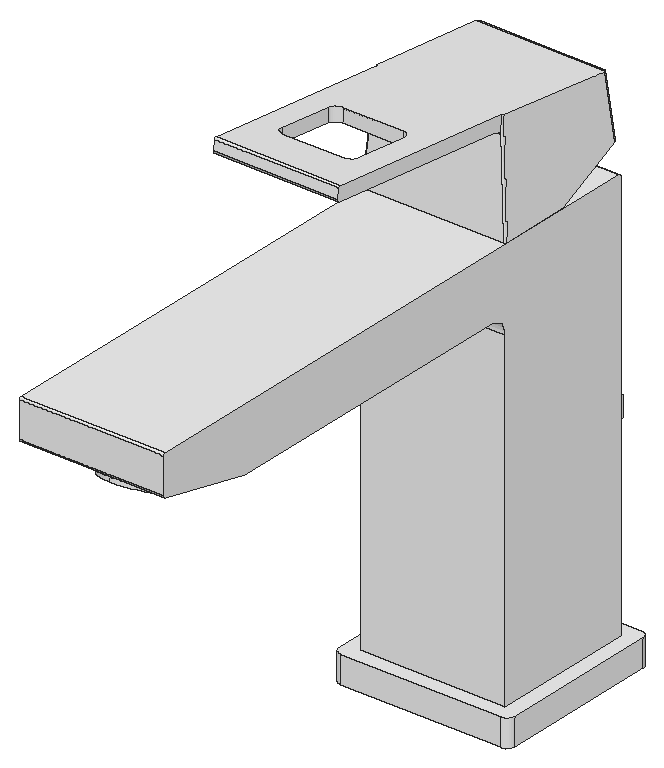
Revit family "Faucet-Lavatory-Grohe-Eurocube-23670000_Series", category Plumbing Fixtures, Revit 2014
Parameters (values of type "23670000")
  Waste Connection = no
  Warranty Documentation Link = "https://cdn.cloud.grohe.com/tpi/1000/1900/1940/1949/1949006/original/1949006.pdf"
  WFU = 0
  Vent Connection = no
  URL = "http://www.grohe.com/ca-en/"
  Shipping Weight = 4.39 lbf
  Product Page URL = "https://www.grohe.com/ca-en/6401/bathroom/bathroom-faucets/eurocube/product-details/?product=23670-G318&color=000&material=23670000"
  Price = "Prices may vary. Please consult Manufacturer Representative for most up-to-date price list."  # constant formula
  Model = "23670000"
  Material = "Metal-Grohe-000-Chrome"
  Manufacturer = "Grohe"
  Length = 5 1/4"  # constant formula
  Installation Type = "Deck-Mounted"
  Hot Water Connection Radius = 3/16"
  Hot Water Connection Diameter = 3/8"
  Height = 6 3/4"  # constant formula
  HWFU = 1.5
  HW Connection = yes
  Flow Rate = "1.5 gpm (5.7 L/min)"
  Finish = Metal-Grohe-000-Chrome
  Description = "Eurocube Single-lever basin mixer 1/2\" M-Size"
  Default Elevation = 0"
  Creation Date = "02/06/2017"  # constant formula
  Cold Water Connection Radius = 3/16"
  Cold Water Connection Diameter = Cold Water Connection Radius * 2  # 3/8"
  CWFU = 1.5
  CW Connection = yes
  Assembly Code = "D2020300"
  ADA Compliant = yes
Reference planes (in)
  plane 1 "Center (Front/Back)": y = 0
  plane 2: z = 0
  plane 3 "Center (Left/Right)": x = 0
  plane 4: x = -1.03125
  plane 5: x = 1.03125
  plane 6: y = 1.03125
  plane 7: y = -1.03125
  plane 8: x = -0.84646
  plane 9: x = 0.84646
  plane 10: through (0, -3.8125, 3.6875) normal (0, -0.9205, 0.3907)
  plane 11: x = -0.79326
  plane 12: x = 0.79326
  plane 13: z = 6.75
  plane 14: z = 4.3125
  plane 15: y = -5.25
Forms (in)
  Extrusion 1, solid, material "Metal-Grohe-000-Chrome" <- "Finish"
    sketch origin (0, 0, 0) x (1, 0, 0) y (0, 1, 0)
      loop
        arc (-0.93662, 1.03125) -> (-1.00353, 1.00353) -> (-1.03125, 0.93662) r 0.09463
        line (-1.03125, 0.93662) -> (-1.03125, -0.9375)
        arc (-1.03125, -0.9375) -> (-1.00379, -1.00379) -> (-0.9375, -1.03125) r 0.09375
        line (-0.9375, -1.03125) -> (0.9375, -1.03125)
        arc (0.9375, -1.03125) -> (1.00379, -1.00379) -> (1.03125, -0.9375) r 0.09375
        line (1.03125, -0.9375) -> (1.03125, 0.9375)
        arc (1.03125, 0.9375) -> (1.00379, 1.00379) -> (0.9375, 1.03125) r 0.09375
        line (0.9375, 1.03125) -> (-0.93662, 1.03125)
    from 0 to 0.31496
  Sweep 2, solid, material "Metal-Grohe-000-Chrome" <- "Finish"
    path origin (0, 0, 0) x (0, 1, 0) y (0, 0, 1)
      loop
        line (1.14577, 2.30418) -> (0.71825, 1.12956)
    profile origin (0, 0.93201, 1.71687) x (0, 0.939693, -0.34202) y (1, 0, 0)
      loop
        circle (0, 0) r 0.07813
  Extrusion 3, solid, material "Metal-Grohe-000-Chrome" <- "Finish"
    sketch origin (0, 0, 0) x (1, 0, 0) y (0, 1, 0)
      loop
        circle (-0.34003, 0) r 0.1875
      loop
        circle (0.34003, 0) r 0.1875
    from 0 to 1.04198
  Revolve 4, solid, material "Metal-Grohe-000-Chrome" <- "Finish"
    sketch origin (0, 0, 0.58124) x (0, 1, 0) y (0, 0, 1)
      loop
        line (0.48244, 4.84381) -> (0, 4.84381) -> (0, 4.36354) -> (0.78769, 4.36354)
        arc (0.78769, 4.36354) -> (0.67976, 4.63209) -> (0.48244, 4.84381) r 0.7908
      axis (0, 4.84381) -> (0, 4.36354)
    angle from 0 to 360
  Blend 5, solid, material "Metal-Grohe-000-Chrome" <- "Finish"
    base sketch origin (0, 0, 0.58124) x (1, 0, 0) y (0, 1, 0)
      loop
        arc (-0.82677, 0.84646) -> (-0.84069, 0.84069) -> (-0.84646, 0.82677) r 0.01969
        line (-0.84646, 0.82677) -> (-0.84646, -0.82677)
        arc (-0.84646, -0.82677) -> (-0.84069, -0.84069) -> (-0.82677, -0.84646) r 0.01969
        line (-0.82677, -0.84646) -> (0.82677, -0.84646)
        arc (0.82677, -0.84646) -> (0.84069, -0.84069) -> (0.84646, -0.82677) r 0.01969
        line (0.84646, -0.82677) -> (0.84646, 0.82677)
        arc (0.84646, 0.82677) -> (0.84069, 0.84069) -> (0.82677, 0.84646) r 0.01969
        line (0.82677, 0.84646) -> (-0.82677, 0.84646)
    top sketch origin (0, 0, 0.58124) x (1, 0, 0) y (0, 1, 0)
      loop
        line (0.68781, 0.72494) -> (-0.68837, 0.72494)
        arc (-0.68837, 0.72494) -> (-0.71835, 0.71252) -> (-0.73076, 0.68255) r 0.04239
        line (-0.73076, 0.68255) -> (-0.73076, -0.73275)
        arc (-0.73076, -0.73275) -> (-0.7239, -0.74932) -> (-0.70732, -0.75619) r 0.02344
        line (-0.70732, -0.75619) -> (0.70734, -0.75619)
        arc (0.70734, -0.75619) -> (0.72391, -0.74932) -> (0.73078, -0.73275) r 0.02344
        line (0.73078, -0.73275) -> (0.73078, 0.68197)
        arc (0.73078, 0.68197) -> (0.71819, 0.71235) -> (0.68781, 0.72494) r 0.04297
    from 4.60602 to 6.04523
  Extrusion 6, solid, material "Metal-Grohe-000-Chrome" <- "Finish"
    sketch origin (0, 0, 0.58124) x (0, 1, 0) y (0, 0, 1)
      loop
        line (-3.13618, 6.01245) -> (-0.86052, 5.73304)
        arc (-0.86052, 5.73304) -> (-0.78312, 5.69013) -> (-0.75725, 5.60551) r 0.11811
        line (-0.75725, 5.60551) -> (0.66793, 5.48082) -> (0.66793, 6.58648) -> (-3.08553, 6.58648) -> (-3.15332, 6.03439)
        arc (-3.15332, 6.03439) -> (-3.14929, 6.01987) -> (-3.13618, 6.01245) r 0.01969
    from -0.73076 to 0.73078
  Extrusion 7, void
    sketch origin (0, 0, 0.58124) x (0, 1, 0) y (0, 0, 1)
      loop
        arc (0.73725, 5.69552) -> (0.75821, 5.68683) -> (0.76689, 5.66587) r 0.02965
        line (0.76689, 5.66587) -> (0.82534, 5.66587) -> (0.82534, 6.69882) -> (-3.37397, 6.69882) -> (-3.37397, 6.0964) -> (-3.18075, 6.0964) -> (-3.13893, 6.15162)
        arc (-3.13893, 6.15162) -> (-3.13151, 6.16473) -> (-3.11699, 6.16876) r 0.01969
        line (-3.11699, 6.16876) -> (0.73725, 5.69552)
    from -0.82591 to 0.84646
  Extrusion 8, void
    sketch origin (0, 0, 0.58124) x (1, 0, 0) y (0, 1, 0)
      loop
        line (-0.45276, -1.82688) -> (-0.45276, -2.50982)
        arc (-0.45276, -2.50982) -> (-0.42301, -2.58164) -> (-0.35119, -2.61139) r 0.10156
        line (-0.35119, -2.61139) -> (0.35119, -2.61139)
        arc (0.35119, -2.61139) -> (0.42301, -2.58164) -> (0.45276, -2.50982) r 0.10156
        line (0.45276, -2.50982) -> (0.45276, -1.82873)
        arc (0.45276, -1.82873) -> (0.42301, -1.75692) -> (0.35119, -1.72717) r 0.10156
        line (0.35119, -1.72717) -> (-0.35305, -1.72717)
        arc (-0.35305, -1.72717) -> (-0.42355, -1.75637) -> (-0.45276, -1.82688) r 0.09971
    from 5.36809 to 6.40603
  Extrusion 9, void
    sketch origin (0, 0, 0) x (0, 1, 0) y (0, 0, 1)
      loop
        line (1.03125, 5.63579) -> (0, 5.18726) -> (1.03125, 5.18726) -> (1.03125, 5.63579)
    from -1.03125 to 1.03125
  Extrusion 10, solid, material "Metal-Grohe-000-Chrome" <- "Finish"
    sketch origin (0, 0, 0.64359) x (0, 1, 0) y (0, 0, 1)
      loop
        line (0.84646, -0.64359) -> (0.84646, 4.50596)
        arc (0.84646, 4.50596) -> (0.84013, 4.52123) -> (0.82485, 4.52756) r 0.0216
        line (0.82485, 4.52756) -> (-5.83552, 4.52756)
        arc (-5.83552, 4.52756) -> (-5.85021, 4.52147) -> (-5.8563, 4.50678) r 0.02078
        line (-5.8563, 4.50678) -> (-5.8563, 4.08648)
        arc (-5.8563, 4.08648) -> (-5.85087, 4.07082) -> (-5.83691, 4.06188) r 0.0253
        line (-5.83691, 4.06188) -> (-4.66309, 3.78007) -> (-1.04487, 3.78007)
        arc (-1.04487, 3.78007) -> (-0.90457, 3.72196) -> (-0.84646, 3.58166) r 0.19841
        line (-0.84646, 3.58166) -> (-0.84646, -0.64359) -> (0.84646, -0.64359)
    from -0.84646 to 0.84646
  Revolve 11, solid, material "Metal-Grohe-000-Chrome" <- "Finish"
    sketch origin (0, -1.46655, 0.65921) x (0, 1, 0) y (0, 0, 1)
      loop
        line (-4.12126, 3.79998) -> (-3.81865, 3.673) -> (-3.66563, 4.0335) -> (-4.09356, 4.21515) -> (-4.20153, 3.96079)
        arc (-4.20153, 3.96079) -> (-4.20182, 3.92724) -> (-4.17831, 3.90332) r 0.04383
        line (-4.17831, 3.90332) -> (-4.11771, 3.8776) -> (-4.12126, 3.79998)
      axis (-3.66563, 4.0335) -> (-3.81918, 3.67175)
    angle from 0 to 360
  Extrusion 12, solid, material "Metal-Grohe-000-Chrome" <- "Finish"
    sketch origin (0, 0, 0) x (0, 1, 0) y (0, 0, 1)
      loop
        line (1.49962, 2.39535) -> (0.92205, 2.39535) -> (0.92205, 2.14535) -> (1.49962, 2.14535) -> (1.49962, 2.39535)
    from -0.34003 to 0.35119
Cuts and joins
  Extrusion 7, Extrusion 9 cuts Blend 5
  Extrusion 7, Extrusion 8 cuts Extrusion 6
  joined: Extrusion 1, Sweep 2, Extrusion 3, Revolve 4, Blend 5, Extrusion 6, Extrusion 10, Revolve 11, Extrusion 12
Lines and regions (in)
  Masking region 1
    outline origin (0, 0, 0) x (1, 0, 0) y (0, 1, 0)
      loop
        line (0.9375, 1.03125) -> (0.35119, 1.03125) -> (0.35119, 1.49962) -> (-0.34003, 1.49962) -> (-0.34003, 1.03125) -> (-0.93662, 1.03125)
        arc (-0.93662, 1.03125) -> (-1.00353, 1.00353) -> (-1.03125, 0.93662) r 0.09463
        line (-1.03125, 0.93662) -> (-1.03125, -0.9375)
        arc (-1.03125, -0.9375) -> (-1.00379, -1.00379) -> (-0.9375, -1.03125) r 0.09375
        line (-0.9375, -1.03125) -> (-0.84646, -1.03125) -> (-0.84646, -5.84794) -> (0.84646, -5.84794) -> (0.84646, -1.03125) -> (0.9375, -1.03125)
        arc (0.9375, -1.03125) -> (1.00379, -1.00379) -> (1.03125, -0.9375) r 0.09375
        line (1.03125, -0.9375) -> (1.03125, 0.9375)
        arc (1.03125, 0.9375) -> (1.00379, 1.00379) -> (0.9375, 1.03125) r 0.09375
  symbolic lines, detail levels medium+fine
    curve 1: line (-0.84646, -1.03125, 0) -> (-0.84646, 0.84646, 0)
    curve 2: line (-0.84646, 0.84646, 0) -> (-0.07812, 0.84646, 0)
    curve 3: line (-0.07812, 0.84646, 0) -> (-0.07812, 0.92205, 0)
    curve 4: line (0.84646, -1.03125, 0) -> (0.84646, 0.84646, 0)
    curve 5: line (0.84646, 0.84646, 0) -> (0.07813, 0.84646, 0)
    curve 6: line (0.07813, 0.84646, 0) -> (0.07813, 0.92205, 0)
    curve 8: line (-0.73076, 0.72858, 0) -> (-0.73076, -3.15347, 0)
    curve 9: line (0.73078, -3.15347, 0) -> (0.73078, 0.72244, 0)
    curve 10: line (-0.73076, -3.15347, 0) -> (0.73078, -3.15347, 0)
    curve 11: line (-0.70438, 0.75496, 0) -> (0.69826, 0.75496, 0)
    curve 22: line (-0.34003, 1.03125, 0) -> (-0.34003, 0.92205, 0)
    curve 23: line (-0.34003, 0.92205, 0) -> (0.35119, 0.92205, 0)
    curve 24: line (0.35119, 0.92205, 0) -> (0.35119, 1.03125, 0)
  symbolic lines, detail levels fine
    curve 7: line (-0.07812, 0.84646, 0) -> (0.07813, 0.84646, 0)
    curve 12: arc (-0.70438, 0.75496, 0) -> (-0.72303, 0.74723, 0) -> (-0.73076, 0.72858, 0) r 0.02638
    curve 13: arc (0.69826, 0.75496, 0) -> (0.72126, 0.74544, 0) -> (0.73078, 0.72244, 0) r 0.03252
    curve 14: line (0.35119, -1.72717, 0) -> (-0.35305, -1.72717, 0)
    curve 15: line (-0.45276, -1.82688, 0) -> (-0.45276, -2.50982, 0)
    curve 16: line (-0.35119, -2.61139, 0) -> (0.35119, -2.61139, 0)
    curve 17: line (0.45276, -2.50982, 0) -> (0.45276, -1.82873, 0)
    curve 18: arc (0.45276, -1.82873, 0) -> (0.42301, -1.75692, 0) -> (0.35119, -1.72717, 0) r 0.10156
    curve 19: arc (-0.35305, -1.72717, 0) -> (-0.42355, -1.75637, 0) -> (-0.45276, -1.82688, 0) r 0.09971
    curve 20: arc (-0.45276, -2.50982, 0) -> (-0.42301, -2.58164, 0) -> (-0.35119, -2.61139, 0) r 0.10156
    curve 21: arc (0.35119, -2.61139, 0) -> (0.42301, -2.58164, 0) -> (0.45276, -2.50982, 0) r 0.10156
Dimensions and locks (in)
  equal spacing: plane 4, plane 3 "Center (Left/Right)", plane 5
  locked: plane 4 to plane 5 at 2.0625
  equal spacing: plane 7, plane 1 "Center (Front/Back)", plane 6
  locked: plane 7 to plane 6 at 2.0625
  "Height": plane 13 to level
  locked: plane 14 to level at 4.3125
  plane 1 "Center (Front/Back)" to plane 15 = 5 1/4"
  "Hot Water Connection Diameter": diameter of Extrusion 3 sketch curve
  "Cold Water Connection Diameter": diameter of Extrusion 3 sketch curve
  aligned and locked: plane 6 to Extrusion 1 sketch curve
  aligned and locked: plane 7 to Extrusion 1 sketch curve
  aligned and locked: Extrusion 1 sketch curve to plane 4
  aligned and locked: Extrusion 1 sketch curve to plane 5
Automatic sketch dimensions
  plane 8 to Extrusion 1 sketch curve = 0.09104"
  plane 8 to Extrusion 1 sketch curve = 0.09016"
  plane 9 to Extrusion 1 sketch curve = 0.09104"  (x2)
  Masking region 1 sketch curve to plane 4 = 0"
  Masking region 1 sketch curve to plane 7 = 0"  (x2)
  plane 6 to Masking region 1 sketch curve = 0"  (x2)
  Masking region 1 sketch curve to plane 8 = 0"
  Masking region 1 sketch curve to plane 9 = 0"
  Masking region 1 sketch curve to plane 5 = 0"
  Masking region 1 sketch curve to Masking region 1 sketch curve = 0.09104"
  plane 8 to Masking region 1 sketch curve = 0.09016"
  Masking region 1 sketch curve to plane 3 "Center (Left/Right)" = 0.34003"
  plane 3 "Center (Left/Right)" to Masking region 1 sketch curve = 0.35119"
  plane 9 to Masking region 1 sketch curve = 0.09104"  (x2)
  plane 15 to Masking region 1 sketch curve = 0.59794"
  Masking region 1 sketch curve to Masking region 1 sketch curve = 0.46837"
  Sweep 2 sketch curve to plane 3 "Center (Left/Right)" = 0"
  Sweep 2 sketch curve to profile plane = 0"
  plane 1 "Center (Front/Back)" to Extrusion 3 sketch curve = 0"  (x2)
  Extrusion 3 sketch curve to plane 3 "Center (Left/Right)" = 0.34003"
  plane 3 "Center (Left/Right)" to Extrusion 3 sketch curve = 0.34003"
  Revolve 4 sketch curve to plane 1 "Center (Front/Back)" = 0"  (x2)
  Revolve 4 sketch curve to plane 1 "Center (Front/Back)" = 0.01235"
  Revolve 4 sketch curve to Revolve 4 sketch curve = 0.48244"
  plane 6 to Revolve 4 sketch curve = 0.24356"
  plane 14 to Revolve 4 sketch curve = 0.47664"
  Revolve 4 sketch curve to Revolve 4 sketch curve = 0.15564"
  Revolve 4 sketch curve to Revolve 4 sketch curve = 0.36728"
  Revolve 4 sketch curve to Revolve 4 sketch curve = 0.07697"
  Blend 5 sketch curve to plane 8 = 0"
  Blend 5 sketch curve to plane 9 = 0"
  Blend 5 sketch curve to plane 8 = 0.01969"  (x2)
  Blend 5 sketch curve to plane 9 = 0.01969"  (x2)
  plane 7 to Blend 5 sketch curve = 0.18479"
  plane 6 to Blend 5 sketch curve = 0.20448"
  plane 11 to Blend 5 sketch curve = 1/16"
  Blend 5 sketch curve to Blend 5 sketch curve = 3/128"
  Blend 5 sketch curve to Blend 5 sketch curve = 0.04239"
  plane 12 to Blend 5 sketch curve = 27/256"
  plane 12 to Blend 5 sketch curve = 11/128"
  Blend 5 sketch curve to Blend 5 sketch curve = 11/256"
  plane 7 to Blend 5 sketch curve = 0.27506"
  plane 6 to Blend 5 sketch curve = 0.34928"
  Extrusion 6 sketch curve to plane 13 = 0.13437"
  Extrusion 6 sketch curve to plane 15 = 2.09668"
  Extrusion 6 sketch curve to plane 13 = 0.15631"
  Extrusion 6 sketch curve to Extrusion 6 sketch curve = 0.01714"
  Extrusion 6 sketch curve to Extrusion 6 sketch curve = 0.0024"
  plane 13 to Extrusion 6 sketch curve = 0.41772"
  Extrusion 6 sketch curve to Extrusion 6 sketch curve = 0.06779"
  plane 7 to Extrusion 6 sketch curve = 0.15634"
  Extrusion 6 sketch curve to Extrusion 6 sketch curve = 0.01439"
  Extrusion 6 sketch curve to Extrusion 6 sketch curve = 0.11766"
  plane 6 to Extrusion 6 sketch curve = 0.36332"
  Extrusion 6 sketch curve to plane 13 = 0.43572"
  Extrusion 6 sketch curve to Extrusion 6 sketch curve = 0.11723"
  Extrusion 6 sketch curve to plane 13 = 0.68793"
  Extrusion 7 sketch curve to plane 13 = 0"
  Extrusion 7 sketch curve to plane 13 = 0.07236"
  Extrusion 7 sketch curve to plane 15 = 1.87603"
  Extrusion 7 sketch curve to Extrusion 7 sketch curve = 0.19322"
  Extrusion 7 sketch curve to plane 13 = 0.01714"
  Extrusion 7 sketch curve to Extrusion 7 sketch curve = 0.04183"
  Extrusion 7 sketch curve to Extrusion 7 sketch curve = 5/256"
  Extrusion 7 sketch curve to Extrusion 7 sketch curve = 0.0024"
  plane 6 to Extrusion 7 sketch curve = 0.294"
  Extrusion 7 sketch curve to Extrusion 7 sketch curve = 0.02965"
  Extrusion 7 sketch curve to Extrusion 7 sketch curve = 0.05845"
  Extrusion 7 sketch curve to plane 13 = 0.47324"
  plane 13 to Extrusion 7 sketch curve = 0.53007"
  plane 11 to Extrusion 8 sketch curve = 0.3405"
  Extrusion 8 sketch curve to Extrusion 8 sketch curve = 0.09971"
  Extrusion 8 sketch curve to Extrusion 8 sketch curve = 13/128"  (x2)
  plane 3 "Center (Left/Right)" to Extrusion 8 sketch curve = 0.35119"  (x2)
  Extrusion 8 sketch curve to plane 7 = 1.58014"
  Extrusion 8 sketch curve to Extrusion 8 sketch curve = 0.68109"
  Extrusion 9 sketch curve to plane 1 "Center (Front/Back)" = 0"
  Extrusion 9 sketch curve to plane 6 = 0"
  plane 14 to Extrusion 9 sketch curve = 0.87476"
  Extrusion 9 sketch curve to Extrusion 9 sketch curve = 0.44854"
  Extrusion 10 sketch curve to level = 0"
  plane 15 to Extrusion 10 sketch curve = 0.6063"
  plane 14 to Extrusion 10 sketch curve = 0.39297"
  Extrusion 10 sketch curve to Extrusion 10 sketch curve = 0.01939"
  Extrusion 10 sketch curve to Extrusion 10 sketch curve = 0.02078"
  Extrusion 10 sketch curve to Extrusion 10 sketch curve = 0.0253"
  plane 14 to Extrusion 10 sketch curve = 0.11116"
  Extrusion 10 sketch curve to plane 15 = 0.58691"
  Extrusion 10 sketch curve to plane 7 = 0.01362"
  plane 7 to Extrusion 10 sketch curve = 0.18479"
  plane 6 to Extrusion 10 sketch curve = 0.2064"
  plane 6 to Extrusion 10 sketch curve = 0.18479"
  plane 14 to Extrusion 10 sketch curve = 0.83704"
  plane 15 to Revolve 11 sketch curve = 0.41808"
  plane 14 to Revolve 11 sketch curve = 0.25003"
  Revolve 11 sketch curve to Revolve 11 sketch curve = 0.02322"
  Revolve 11 sketch curve to Revolve 11 sketch curve = 0.01713"
  plane 14 to Revolve 11 sketch curve = 0.14669"
  Revolve 11 sketch curve to Revolve 11 sketch curve = 0.05705"
  Revolve 11 sketch curve to Revolve 11 sketch curve = 0.06059"
  Revolve 11 sketch curve to Revolve 11 sketch curve = 0.10797"
  plane 15 to Revolve 11 sketch curve = 0.03521"
  Revolve 11 sketch curve to plane 15 = 0.11782"
  plane 14 to Revolve 11 sketch curve = 0.01971"
  Revolve 11 sketch curve to Revolve 11 sketch curve = 0.02572"
  Revolve 11 sketch curve to Revolve 11 sketch curve = 0.04035"
  plane 15 to Revolve 11 sketch curve = 0.12045"
  plane 15 to Revolve 11 sketch curve = 0.06923"
  Revolve 11 sketch curve to plane 14 = 0.06044"
  Revolve 11 sketch curve to Revolve 11 sketch curve = 0.12066"
  plane 6 to Sweep 2 sketch curve = 0.313"
  level to Sweep 2 sketch curve = 1.12956"
  Sweep 2 sketch curve to plane 6 = 0.11452"
  Sweep 2 sketch curve to Sweep 2 sketch curve = 1.17462"
  plane 6 to Extrusion 12 sketch curve = 0.1092"
  Extrusion 12 sketch curve to plane 6 = 0.46837"
  level to Extrusion 12 sketch curve = 2.14535"
  Extrusion 12 sketch curve to Extrusion 12 sketch curve = 1/4"
  curve 1 to plane 8 = 0"
  plane 6 to curve 22 = 0"
  plane 6 to curve 24 = 0"
  curve 4 to plane 7 = 0"
  curve 4 to plane 9 = 0"
  curve 1 to plane 7 = 0"
  plane 11 to curve 8 = 1/16"
  curve 8 to curve 12 = 0.02638"
  plane 11 to curve 15 = 0.3405"
  curve 15 to curve 19 = 0.09971"
  curve 20 to curve 16 = 13/128"
  plane 6 to curve 22 = 0.1092"
  curve 22 to plane 3 "Center (Left/Right)" = 0.34003"
  curve 2 to plane 3 "Center (Left/Right)" = 5/64"
  plane 3 "Center (Left/Right)" to curve 5 = 5/64"
  plane 3 "Center (Left/Right)" to curve 14 = 0.35119"
  plane 3 "Center (Left/Right)" to curve 16 = 0.35119"
  curve 6 to curve 23 = 0.27307"
  curve 18 to curve 17 = 13/128"
  plane 12 to curve 11 = 0.095"
  plane 12 to curve 10 = 1/16"
  curve 14 to plane 7 = 0.69592"
  curve 20 to curve 19 = 0.68295"
  curve 8 to curve 20 = 0.54208"
  plane 6 to curve 13 = 0.30881"
  curve 7 to curve 6 = 0.0756"
  radius of Sweep 2 sketch curve = 5/64"
Connectors (in)
  piping at (-0.34003, 0, 0), diameter 0.375, driven by "HWFU", driven by "Hot Water Connection Diameter"
    settings: on Extrusion 3, index 1, connector inside diameter 24", connector length 0", flow factor 0, pipe flow 0 GPM, pressure drop 0.00 psi, fitting loss kfactor 0, connector angle 0.00°, fixture units 1.5, engagement length 0", angle of deflection 0.00°, flow configuration 3, flow direction 1, fitting loss method 0, system type 19, joint type 0, gender type 0, connector reference index -1, connector utility 0, adjustable connector no, is connector primary yes, connector description "3/8\" NPT HW Inlet"
  piping at (0.34003, 0, 0), diameter 0.375, driven by "CWFU", driven by "Cold Water Connection Diameter"
    settings: on Extrusion 3, index 2, connector inside diameter 24", connector length 0", flow factor 0, pipe flow 0 GPM, pressure drop 0.00 psi, fitting loss kfactor 0, connector angle 0.00°, fixture units 1.5, engagement length 0", angle of deflection 0.00°, flow configuration 3, flow direction 1, fitting loss method 0, system type 20, joint type 0, gender type 0, connector reference index -1, connector utility 0, adjustable connector no, is connector primary no, connector description "3/8\" NPT CW Inlet"
